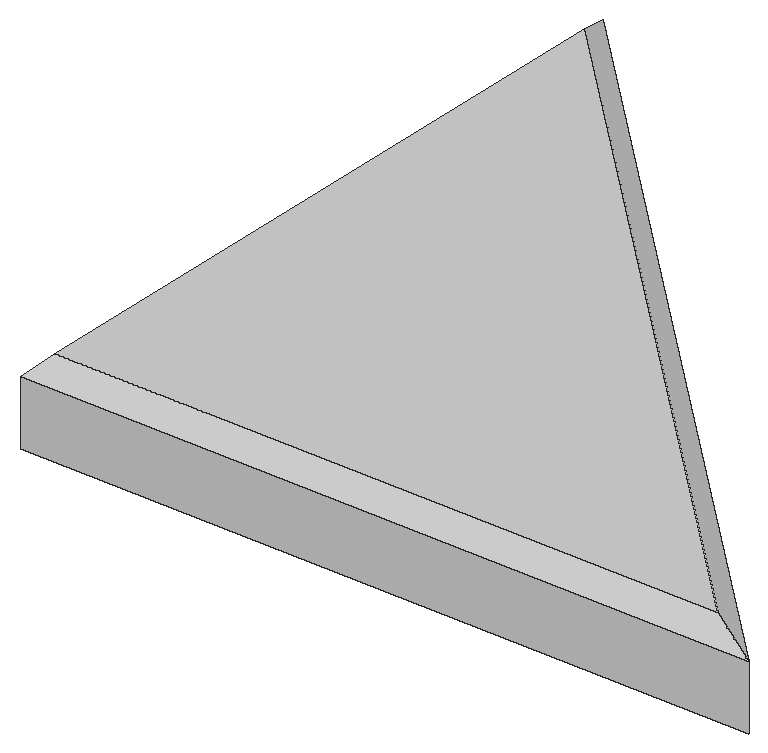
Revit family "SMALL ISOSCELES TRIANGLE", category Specialty Equipment, Revit 2023
Family settings
  Round Connector Dimension = Use Diameter
  Part Type = Normal
  OmniClass Number = 23.35.00.00
  OmniClass Title = Covering, Cladding, and Finishes
  Work Plane-Based = Yes
  Enable Cutting in Views = Yes
  Always vertical = No
  Cut with Voids When Loaded = No
  Maintain Annotation Orientation = No
  Shared = No
  Room Calculation Point = No
Parameters (values of type "1-3/8 inch thick Primed White")
  URL = "https://www.acousticalsurfaces.com/envirocoustic-wood-wool/shapes/"
  Type Comments = "Acoustic Panels"
  Thickness = 0' - 1 3/8"
  Recycled Content Percentage = "0%"
  Model = "Envirocoustic Wood Wool"
  Material = "Envirocoustic Wood Wool"
  Manufacturer = "Acoustical Surfaces, Inc."
  Fire Rating = "ASTM E84 - Class A"
  Finish = Paint - Acoustical-Surfaces - Primed White
  Description = "Acoustic Panels"
  Default Elevation = 0' - 0"
  Assembly Code = "C30"
  Acoustics - NRC = "Sound absorption varies from NRC 0.45 to 0.95 based on installation method used when tested per ASTM C423."
Types (9): name | Thickness | Finish
  1-3/8 inch thick Primed White | 0' - 1 3/8" | Paint - Acoustical-Surfaces - Primed White
  1-3/8 inch thick Primed Clear | 0' - 1 3/8" | Paint - Acoustical-Surfaces - Primed Clear
  1-3/8 inch thick Custom Painted | 0' - 1 3/8" | Paint - Acoustical-Surfaces - Custom Painted
  2 inch thick Primed White | 0' - 2" | Paint - Acoustical-Surfaces - Primed White
  2 inch thick Primed Clear | 0' - 2" | Paint - Acoustical-Surfaces - Primed Clear
  2 inch thick Custom Painted | 0' - 2" | Paint - Acoustical-Surfaces - Custom Painted
  1 inch thick Primed White | 0' - 1" | Paint - Acoustical-Surfaces - Primed White
  1 inch thick Primed Clear | 0' - 1" | Paint - Acoustical-Surfaces - Primed Clear
  1 inch thick Custom Painted | 0' - 1" | Paint - Acoustical-Surfaces - Custom Painted
Reference planes (in)
  plane 1 "Center (Front/Back)": y = 0
  plane 2: z = 0
  plane 3 "Center (Left/Right)": x = 0
  plane 4: z = 1.375
  plane 5: z = -1
Forms (in)
  Extrusion 1, solid, material "Paint - Acoustical-Surfaces - Primed White" <- "Finish"
    sketch origin (-2.75421, -1.46603, 0) x (1, 0, 0) y (0, 1, 0)
      loop
        line (2.75421, 1.46603) -> (14.75421, 1.46603) -> (2.75421, 13.46603) -> (2.75421, 1.46603)
    from 0 to 1.375
  Sweep 2, void
    path origin (-2.75421, -1.46603, 1.375) x (1, 0, 0) y (0, 1, 0)
      loop
        line (2.75421, 13.46603) -> (2.75421, 1.46603) -> (14.75421, 1.46603) -> (2.75421, 13.46603)
    profile "Triangle : Family2" origin (0, 6, 1.375) x (1, 0, 0) y (0, 0, 1)
      loop
        line (0, 0) -> (0, -0.315) -> (0.315, 0) -> (0, 0)
Cuts and joins
  Sweep 2 cuts Extrusion 1
Dimensions and locks (in)
  "Thickness": plane 4 to level
  level to plane 5 = 0' - 1"
  aligned and locked: level to plane 2
  aligned and locked: Extrusion 1 to plane 4
Automatic sketch dimensions
  plane 3 "Center (Left/Right)" to Extrusion 1 sketch curve = 0' - 0"
  Extrusion 1 sketch curve to plane 1 "Center (Front/Back)" = 0' - 0"
  Extrusion 1 sketch curve to Extrusion 1 sketch curve = 1' - 0"  (x2)
  Sweep 2 sketch curve to Extrusion 1 = 0' - 0"  (x4)
